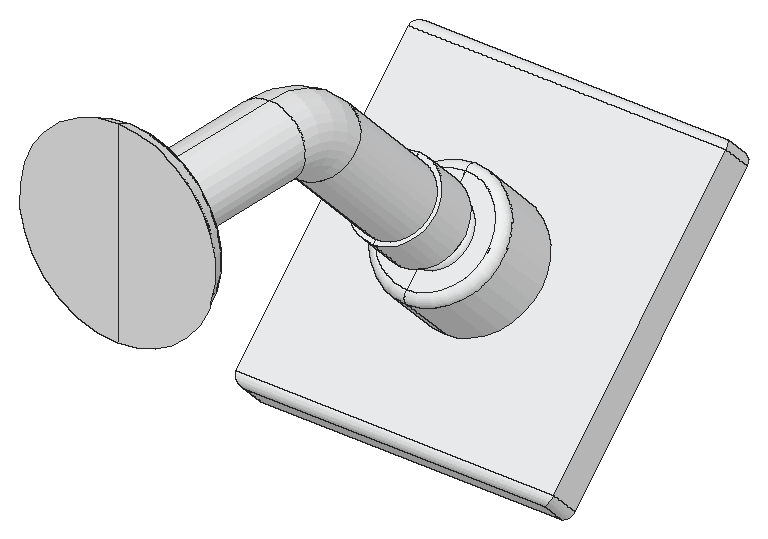
Revit family "434505551_Regadera Con Brazo Nogal", category Plumbing Fixtures, host Wall, Revit 2020 (continued)
Automatic sketch dimensions
  Revolve 30 sketch curve to Revolve 30 sketch curve = 0.438 mm  (x2)
  Revolve 31 sketch curve to Revolve 31 sketch curve = 1.404 mm
  Revolve 31 sketch curve to Revolve 31 sketch curve = 2.077 mm
  Revolve 31 sketch curve to Revolve 31 sketch curve = 0.729 mm
  Revolve 31 sketch curve to Revolve 31 sketch curve = 0.726 mm
  Revolve 31 sketch curve to Revolve 31 sketch curve = 0 mm  (x2)
  Revolve 31 sketch curve to Revolve 31 sketch curve = 0.438 mm  (x2)
  Revolve 32 sketch curve to Revolve 32 sketch curve = 1.404 mm
  Revolve 32 sketch curve to Revolve 32 sketch curve = 2.077 mm
  Revolve 32 sketch curve to Revolve 32 sketch curve = 0.729 mm
  Revolve 32 sketch curve to Revolve 32 sketch curve = 0.726 mm
  Revolve 32 sketch curve to Revolve 32 sketch curve = 0 mm  (x2)
  Revolve 32 sketch curve to Revolve 32 sketch curve = 0.438 mm  (x2)
  Revolve 33 sketch curve to Revolve 33 sketch curve = 1.404 mm
  Revolve 33 sketch curve to Revolve 33 sketch curve = 2.077 mm
  Revolve 33 sketch curve to Revolve 33 sketch curve = 0.729 mm
  Revolve 33 sketch curve to Revolve 33 sketch curve = 0.726 mm
  Revolve 33 sketch curve to Revolve 33 sketch curve = 0 mm  (x2)
  Revolve 33 sketch curve to Revolve 33 sketch curve = 0.438 mm  (x2)
  Revolve 34 sketch curve to Revolve 34 sketch curve = 1.404 mm
  Revolve 34 sketch curve to Revolve 34 sketch curve = 2.077 mm
  Revolve 34 sketch curve to Revolve 34 sketch curve = 0.729 mm
  Revolve 34 sketch curve to Revolve 34 sketch curve = 0.726 mm
  Revolve 34 sketch curve to Revolve 34 sketch curve = 0 mm  (x2)
  Revolve 34 sketch curve to Revolve 34 sketch curve = 0.438 mm  (x2)
  Revolve 35 sketch curve to Revolve 35 sketch curve = 1.404 mm
  Revolve 35 sketch curve to Revolve 35 sketch curve = 2.077 mm
  Revolve 35 sketch curve to Revolve 35 sketch curve = 0.729 mm
  Revolve 35 sketch curve to Revolve 35 sketch curve = 0.726 mm
  Revolve 35 sketch curve to Revolve 35 sketch curve = 0 mm  (x2)
  Revolve 35 sketch curve to Revolve 35 sketch curve = 0.438 mm  (x2)
  Revolve 36 sketch curve to Revolve 36 sketch curve = 1.404 mm
  Revolve 36 sketch curve to Revolve 36 sketch curve = 2.077 mm
  Revolve 36 sketch curve to Revolve 36 sketch curve = 0.729 mm
  Revolve 36 sketch curve to Revolve 36 sketch curve = 0.726 mm
  Revolve 36 sketch curve to Revolve 36 sketch curve = 0 mm  (x2)
  Revolve 36 sketch curve to Revolve 36 sketch curve = 0.438 mm  (x2)
  Revolve 37 sketch curve to Revolve 37 sketch curve = 1.404 mm
  Revolve 37 sketch curve to Revolve 37 sketch curve = 2.077 mm
  Revolve 37 sketch curve to Revolve 37 sketch curve = 0.729 mm
  Revolve 37 sketch curve to Revolve 37 sketch curve = 0.726 mm
  Revolve 37 sketch curve to Revolve 37 sketch curve = 0 mm  (x2)
  Revolve 37 sketch curve to Revolve 37 sketch curve = 0.438 mm  (x2)
  Revolve 38 sketch curve to Revolve 38 sketch curve = 1.404 mm
  Revolve 38 sketch curve to Revolve 38 sketch curve = 2.077 mm
  Revolve 38 sketch curve to Revolve 38 sketch curve = 0.729 mm
  Revolve 38 sketch curve to Revolve 38 sketch curve = 0.726 mm
  Revolve 38 sketch curve to Revolve 38 sketch curve = 0 mm  (x2)
  Revolve 38 sketch curve to Revolve 38 sketch curve = 0.438 mm  (x2)
  Revolve 39 sketch curve to Revolve 39 sketch curve = 1.404 mm
  Revolve 39 sketch curve to Revolve 39 sketch curve = 2.077 mm
  Revolve 39 sketch curve to Revolve 39 sketch curve = 0.729 mm
  Revolve 39 sketch curve to Revolve 39 sketch curve = 0.726 mm
  Revolve 39 sketch curve to Revolve 39 sketch curve = 0 mm  (x2)
  Revolve 39 sketch curve to Revolve 39 sketch curve = 0.438 mm  (x2)
  Revolve 40 sketch curve to Revolve 40 sketch curve = 1.404 mm
  Revolve 40 sketch curve to Revolve 40 sketch curve = 2.077 mm
  Revolve 40 sketch curve to Revolve 40 sketch curve = 0.729 mm
  Revolve 40 sketch curve to Revolve 40 sketch curve = 0.726 mm
  Revolve 40 sketch curve to Revolve 40 sketch curve = 0 mm  (x2)
  Revolve 40 sketch curve to Revolve 40 sketch curve = 0.438 mm  (x2)
  Revolve 41 sketch curve to Revolve 41 sketch curve = 1.404 mm
  Revolve 41 sketch curve to Revolve 41 sketch curve = 2.077 mm
  Revolve 41 sketch curve to Revolve 41 sketch curve = 0.729 mm
  Revolve 41 sketch curve to Revolve 41 sketch curve = 0.726 mm
  Revolve 41 sketch curve to Revolve 41 sketch curve = 0 mm  (x2)
  Revolve 41 sketch curve to Revolve 41 sketch curve = 0.438 mm  (x2)
  Revolve 42 sketch curve to Revolve 42 sketch curve = 1.404 mm
  Revolve 42 sketch curve to Revolve 42 sketch curve = 2.077 mm
  Revolve 42 sketch curve to Revolve 42 sketch curve = 0.729 mm
  Revolve 42 sketch curve to Revolve 42 sketch curve = 0.726 mm
  Revolve 42 sketch curve to Revolve 42 sketch curve = 0 mm  (x2)
  Revolve 42 sketch curve to Revolve 42 sketch curve = 0.438 mm  (x2)
  Revolve 43 sketch curve to Revolve 43 sketch curve = 1.404 mm
  Revolve 43 sketch curve to Revolve 43 sketch curve = 2.077 mm
  Revolve 43 sketch curve to Revolve 43 sketch curve = 0.729 mm
  Revolve 43 sketch curve to Revolve 43 sketch curve = 0.726 mm
  Revolve 43 sketch curve to Revolve 43 sketch curve = 0 mm  (x2)
  Revolve 43 sketch curve to Revolve 43 sketch curve = 0.438 mm  (x2)
  Revolve 44 sketch curve to Revolve 44 sketch curve = 1.404 mm
  Revolve 44 sketch curve to Revolve 44 sketch curve = 2.077 mm
  Revolve 44 sketch curve to Revolve 44 sketch curve = 0.729 mm
  Revolve 44 sketch curve to Revolve 44 sketch curve = 0.726 mm
  Revolve 44 sketch curve to Revolve 44 sketch curve = 0 mm  (x2)
  Revolve 44 sketch curve to Revolve 44 sketch curve = 0.438 mm  (x2)
  Revolve 45 sketch curve to Revolve 45 sketch curve = 1.404 mm
  Revolve 45 sketch curve to Revolve 45 sketch curve = 2.077 mm
  Revolve 45 sketch curve to Revolve 45 sketch curve = 0.729 mm
  Revolve 45 sketch curve to Revolve 45 sketch curve = 0.726 mm
  Revolve 45 sketch curve to Revolve 45 sketch curve = 0 mm  (x2)
  Revolve 45 sketch curve to Revolve 45 sketch curve = 0.438 mm  (x2)
  Revolve 46 sketch curve to Revolve 46 sketch curve = 1.404 mm
  Revolve 46 sketch curve to Revolve 46 sketch curve = 2.077 mm
  Revolve 46 sketch curve to Revolve 46 sketch curve = 0.729 mm
  Revolve 46 sketch curve to Revolve 46 sketch curve = 0.726 mm
  Revolve 46 sketch curve to Revolve 46 sketch curve = 0 mm  (x2)
  Revolve 46 sketch curve to Revolve 46 sketch curve = 0.438 mm  (x2)
  Revolve 47 sketch curve to Revolve 47 sketch curve = 1.404 mm
  Revolve 47 sketch curve to Revolve 47 sketch curve = 2.077 mm
  Revolve 47 sketch curve to Revolve 47 sketch curve = 0.729 mm
  Revolve 47 sketch curve to Revolve 47 sketch curve = 0.726 mm
  Revolve 47 sketch curve to Revolve 47 sketch curve = 0 mm  (x2)
  Revolve 47 sketch curve to Revolve 47 sketch curve = 0.438 mm  (x2)
  Revolve 48 sketch curve to Revolve 48 sketch curve = 1.404 mm
  Revolve 48 sketch curve to Revolve 48 sketch curve = 2.077 mm
  Revolve 48 sketch curve to Revolve 48 sketch curve = 0.729 mm
  Revolve 48 sketch curve to Revolve 48 sketch curve = 0.726 mm
  Revolve 48 sketch curve to Revolve 48 sketch curve = 0 mm  (x2)
  Revolve 48 sketch curve to Revolve 48 sketch curve = 0.438 mm  (x2)
  Revolve 49 sketch curve to Revolve 49 sketch curve = 1.404 mm
  Revolve 49 sketch curve to Revolve 49 sketch curve = 2.077 mm
  Revolve 49 sketch curve to Revolve 49 sketch curve = 0.729 mm
  Revolve 49 sketch curve to Revolve 49 sketch curve = 0.726 mm
  Revolve 49 sketch curve to Revolve 49 sketch curve = 0 mm  (x2)
  Revolve 49 sketch curve to Revolve 49 sketch curve = 0.438 mm  (x2)
  Revolve 50 sketch curve to Revolve 50 sketch curve = 1.404 mm
  Revolve 50 sketch curve to Revolve 50 sketch curve = 2.077 mm
  Revolve 50 sketch curve to Revolve 50 sketch curve = 0.729 mm
  Revolve 50 sketch curve to Revolve 50 sketch curve = 0.726 mm
  Revolve 50 sketch curve to Revolve 50 sketch curve = 0 mm  (x2)
  Revolve 50 sketch curve to Revolve 50 sketch curve = 0.438 mm  (x2)
  Revolve 51 sketch curve to Revolve 51 sketch curve = 1.404 mm
  Revolve 51 sketch curve to Revolve 51 sketch curve = 2.077 mm
  Revolve 51 sketch curve to Revolve 51 sketch curve = 0.729 mm
  Revolve 51 sketch curve to Revolve 51 sketch curve = 0.726 mm
  Revolve 51 sketch curve to Revolve 51 sketch curve = 0 mm  (x2)
  Revolve 51 sketch curve to Revolve 51 sketch curve = 0.438 mm  (x2)
  Revolve 52 sketch curve to Revolve 52 sketch curve = 1.404 mm
  Revolve 52 sketch curve to Revolve 52 sketch curve = 2.077 mm
  Revolve 52 sketch curve to Revolve 52 sketch curve = 0.729 mm
  Revolve 52 sketch curve to Revolve 52 sketch curve = 0.726 mm
  Revolve 52 sketch curve to Revolve 52 sketch curve = 0 mm  (x2)
  Revolve 52 sketch curve to Revolve 52 sketch curve = 0.438 mm  (x2)
  Revolve 53 sketch curve to Revolve 53 sketch curve = 1.404 mm
  Revolve 53 sketch curve to Revolve 53 sketch curve = 2.077 mm
  Revolve 53 sketch curve to Revolve 53 sketch curve = 0.729 mm
  Revolve 53 sketch curve to Revolve 53 sketch curve = 0.726 mm
  Revolve 53 sketch curve to Revolve 53 sketch curve = 0 mm  (x2)
  Revolve 53 sketch curve to Revolve 53 sketch curve = 0.438 mm  (x2)
  Revolve 54 sketch curve to Revolve 54 sketch curve = 1.404 mm
  Revolve 54 sketch curve to Revolve 54 sketch curve = 2.077 mm
  Revolve 54 sketch curve to Revolve 54 sketch curve = 0.729 mm
  Revolve 54 sketch curve to Revolve 54 sketch curve = 0.726 mm
  Revolve 54 sketch curve to Revolve 54 sketch curve = 0 mm  (x2)
  Revolve 54 sketch curve to Revolve 54 sketch curve = 0.438 mm  (x2)
  plane 7 to Extrusion 55 sketch curve = 0 mm
  plane 6 to Extrusion 55 sketch curve = 0 mm
  Extrusion 55 sketch curve to plane 9 = 0 mm
  Extrusion 55 sketch curve to plane 10 = 0 mm
  Revolve 1 sketch curve to Revolve 1 sketch curve = 12.855 mm
  Revolve 1 sketch curve to Revolve 1 sketch curve = 4.01 mm
  Revolve 1 sketch curve to Revolve 1 sketch curve = 0.165 mm
  Revolve 1 sketch curve to Revolve 1 sketch curve = 17.477 mm
  Revolve 1 sketch curve to Revolve 1 sketch curve = 7.386 mm
  Revolve 1 sketch curve to Revolve 1 sketch curve = 0.256 mm
  Revolve 1 sketch curve to Revolve 1 sketch curve = 2.264 mm
  Revolve 1 sketch curve to Revolve 1 sketch curve = 0 mm
  Sweep 2 sketch curve to Sweep 2 sketch curve = 28.284 mm  (x2)
  Sweep 2 sketch curve to Sweep 2 sketch curve = 55.833 mm
  Sweep 2 sketch curve to profile plane = 0 mm
  Revolve 3 sketch curve to Revolve 3 sketch curve = 7.109 mm
  Revolve 3 sketch curve to Revolve 3 sketch curve = 8.937 mm  (x2)
  Revolve 3 sketch curve to Revolve 3 sketch curve = 14.058 mm  (x2)
  Revolve 3 sketch curve to Revolve 3 sketch curve = 6.065 mm
  Extrusion 4 sketch curve to Extrusion 4 sketch curve = 0 mm
  Extrusion 4 sketch curve to Extrusion 4 sketch curve = 69.157 mm
  Extrusion 4 sketch curve to Extrusion 4 sketch curve = 6.295 mm  (x2)
  Extrusion 5 sketch curve to Extrusion 5 sketch curve = 5.163 mm  (x2)
  Extrusion 5 sketch curve to Extrusion 5 sketch curve = 96 mm  (x2)
  Extrusion 5 sketch curve to Extrusion 5 sketch curve = 3 mm  (x2)
  Revolve 56 sketch curve to Revolve 56 sketch curve = 0.845 mm
  Revolve 56 sketch curve to Revolve 56 sketch curve = 1.138 mm
  Revolve 56 sketch curve to Revolve 56 sketch curve = 7.145 mm
  Revolve 56 sketch curve to Revolve 56 sketch curve = 1.582 mm
  Revolve 56 sketch curve to Revolve 56 sketch curve = 7.524 mm
  Sweep 57 sketch curve to Sweep 57 sketch curve = 32.309 mm  (x2)
  profile plane to Sweep 57 sketch curve = 11.5 mm
  Revolve 58 sketch curve to Revolve 58 sketch curve = 9.233 mm
  Revolve 58 sketch curve to Revolve 58 sketch curve = 4.213 mm
  Revolve 58 sketch curve to Revolve 58 sketch curve = 0.672 mm
  Revolve 58 sketch curve to Revolve 58 sketch curve = 1.706 mm
  Revolve 58 sketch curve to Revolve 58 sketch curve = 0.958 mm
  Revolve 58 sketch curve to Revolve 58 sketch curve = 4.237 mm
  Revolve 58 sketch curve to Revolve 58 sketch curve = 2.15 mm  (x3)
  Revolve 58 sketch curve to Revolve 58 sketch curve = 1.828 mm
  Revolve 58 sketch curve to Revolve 58 sketch curve = 1.427 mm
  Revolve 58 sketch curve to Revolve 58 sketch curve = 0.955 mm
  Revolve 58 sketch curve to Revolve 58 sketch curve = 3.441 mm
  Revolve 58 sketch curve to Revolve 58 sketch curve = 0 mm
  Revolve 58 sketch curve to Revolve 58 sketch curve = 5.206 mm  (x2)
  Extrusion 59 sketch curve to Extrusion 59 sketch curve = 2.121 mm  (x5)
  Extrusion 59 sketch curve to Extrusion 59 sketch curve = 4.174 mm
  Extrusion 60 sketch curve to Extrusion 60 sketch curve = 2.163 mm  (x4)
  Extrusion 60 sketch curve to Extrusion 60 sketch curve = 0 mm  (x3)
  Extrusion 60 sketch curve to Extrusion 60 sketch curve = 2.705 mm  (x3)
  Extrusion 60 sketch curve to Extrusion 60 sketch curve = 97.803 mm
  Extrusion 60 sketch curve to Extrusion 60 sketch curve = 5.705 mm
  Revolve 61 sketch curve to Revolve 61 sketch curve = 1.404 mm
  Revolve 61 sketch curve to Revolve 61 sketch curve = 2.077 mm
  Revolve 61 sketch curve to Revolve 61 sketch curve = 0.729 mm
  Revolve 61 sketch curve to Revolve 61 sketch curve = 0.726 mm
  Revolve 61 sketch curve to Revolve 61 sketch curve = 0 mm  (x2)
  Revolve 61 sketch curve to Revolve 61 sketch curve = 0.438 mm  (x2)
  Revolve 62 sketch curve to Revolve 62 sketch curve = 1.404 mm
  Revolve 62 sketch curve to Revolve 62 sketch curve = 2.077 mm
  Revolve 62 sketch curve to Revolve 62 sketch curve = 0.729 mm
  Revolve 62 sketch curve to Revolve 62 sketch curve = 0.726 mm
  Revolve 62 sketch curve to Revolve 62 sketch curve = 0 mm  (x2)
  Revolve 62 sketch curve to Revolve 62 sketch curve = 0.438 mm  (x2)
  Revolve 63 sketch curve to Revolve 63 sketch curve = 1.404 mm
  Revolve 63 sketch curve to Revolve 63 sketch curve = 2.077 mm
  Revolve 63 sketch curve to Revolve 63 sketch curve = 0.729 mm
  Revolve 63 sketch curve to Revolve 63 sketch curve = 0.726 mm
  Revolve 63 sketch curve to Revolve 63 sketch curve = 0 mm  (x2)
  Revolve 63 sketch curve to Revolve 63 sketch curve = 0.438 mm  (x2)
  Revolve 64 sketch curve to Revolve 64 sketch curve = 1.404 mm
  Revolve 64 sketch curve to Revolve 64 sketch curve = 2.077 mm
  Revolve 64 sketch curve to Revolve 64 sketch curve = 0.729 mm
  Revolve 64 sketch curve to Revolve 64 sketch curve = 0.726 mm
  Revolve 64 sketch curve to Revolve 64 sketch curve = 0 mm  (x2)
  Revolve 64 sketch curve to Revolve 64 sketch curve = 0.438 mm  (x2)
  Revolve 65 sketch curve to Revolve 65 sketch curve = 1.404 mm
  Revolve 65 sketch curve to Revolve 65 sketch curve = 2.077 mm
  Revolve 65 sketch curve to Revolve 65 sketch curve = 0.729 mm
  Revolve 65 sketch curve to Revolve 65 sketch curve = 0.726 mm
  Revolve 65 sketch curve to Revolve 65 sketch curve = 0 mm  (x2)
  Revolve 65 sketch curve to Revolve 65 sketch curve = 0.438 mm  (x2)
  Revolve 66 sketch curve to Revolve 66 sketch curve = 1.404 mm
  Revolve 66 sketch curve to Revolve 66 sketch curve = 2.077 mm
  Revolve 66 sketch curve to Revolve 66 sketch curve = 0.729 mm
  Revolve 66 sketch curve to Revolve 66 sketch curve = 0.726 mm
  Revolve 66 sketch curve to Revolve 66 sketch curve = 0 mm  (x2)
  Revolve 66 sketch curve to Revolve 66 sketch curve = 0.438 mm  (x2)
  Revolve 67 sketch curve to Revolve 67 sketch curve = 1.404 mm
  Revolve 67 sketch curve to Revolve 67 sketch curve = 2.077 mm
  Revolve 67 sketch curve to Revolve 67 sketch curve = 0.729 mm
  Revolve 67 sketch curve to Revolve 67 sketch curve = 0.726 mm
  Revolve 67 sketch curve to Revolve 67 sketch curve = 0 mm  (x2)
  Revolve 67 sketch curve to Revolve 67 sketch curve = 0.438 mm  (x2)
  Revolve 68 sketch curve to Revolve 68 sketch curve = 1.404 mm
  Revolve 68 sketch curve to Revolve 68 sketch curve = 2.077 mm
  Revolve 68 sketch curve to Revolve 68 sketch curve = 0.729 mm
  Revolve 68 sketch curve to Revolve 68 sketch curve = 0.726 mm
  Revolve 68 sketch curve to Revolve 68 sketch curve = 0 mm  (x2)
  Revolve 68 sketch curve to Revolve 68 sketch curve = 0.438 mm  (x2)
  Revolve 69 sketch curve to Revolve 69 sketch curve = 1.404 mm
  Revolve 69 sketch curve to Revolve 69 sketch curve = 2.077 mm
  Revolve 69 sketch curve to Revolve 69 sketch curve = 0.729 mm
  Revolve 69 sketch curve to Revolve 69 sketch curve = 0.726 mm
  Revolve 69 sketch curve to Revolve 69 sketch curve = 0 mm  (x2)
  Revolve 69 sketch curve to Revolve 69 sketch curve = 0.438 mm  (x2)
  Revolve 70 sketch curve to Revolve 70 sketch curve = 1.404 mm
  Revolve 70 sketch curve to Revolve 70 sketch curve = 2.077 mm
  Revolve 70 sketch curve to Revolve 70 sketch curve = 0.729 mm
  Revolve 70 sketch curve to Revolve 70 sketch curve = 0.726 mm
  Revolve 70 sketch curve to Revolve 70 sketch curve = 0 mm  (x2)
  Revolve 70 sketch curve to Revolve 70 sketch curve = 0.438 mm  (x2)
  Revolve 71 sketch curve to Revolve 71 sketch curve = 1.404 mm
  Revolve 71 sketch curve to Revolve 71 sketch curve = 2.077 mm
  Revolve 71 sketch curve to Revolve 71 sketch curve = 0.729 mm
  Revolve 71 sketch curve to Revolve 71 sketch curve = 0.726 mm
  Revolve 71 sketch curve to Revolve 71 sketch curve = 0 mm  (x2)
  Revolve 71 sketch curve to Revolve 71 sketch curve = 0.438 mm  (x2)
  Revolve 72 sketch curve to Revolve 72 sketch curve = 1.404 mm
  Revolve 72 sketch curve to Revolve 72 sketch curve = 2.077 mm
  Revolve 72 sketch curve to Revolve 72 sketch curve = 0.729 mm
  Revolve 72 sketch curve to Revolve 72 sketch curve = 0.726 mm
  Revolve 72 sketch curve to Revolve 72 sketch curve = 0 mm  (x2)
  Revolve 72 sketch curve to Revolve 72 sketch curve = 0.438 mm  (x2)
  Revolve 73 sketch curve to Revolve 73 sketch curve = 1.404 mm
  Revolve 73 sketch curve to Revolve 73 sketch curve = 2.077 mm
  Revolve 73 sketch curve to Revolve 73 sketch curve = 0.729 mm
  Revolve 73 sketch curve to Revolve 73 sketch curve = 0.726 mm
  Revolve 73 sketch curve to Revolve 73 sketch curve = 0 mm  (x2)
  Revolve 73 sketch curve to Revolve 73 sketch curve = 0.438 mm  (x2)
  Revolve 74 sketch curve to Revolve 74 sketch curve = 1.404 mm
  Revolve 74 sketch curve to Revolve 74 sketch curve = 2.077 mm
  Revolve 74 sketch curve to Revolve 74 sketch curve = 0.729 mm
  Revolve 74 sketch curve to Revolve 74 sketch curve = 0.726 mm
  Revolve 74 sketch curve to Revolve 74 sketch curve = 0 mm  (x2)
  Revolve 74 sketch curve to Revolve 74 sketch curve = 0.438 mm  (x2)
  Revolve 75 sketch curve to Revolve 75 sketch curve = 1.404 mm
  Revolve 75 sketch curve to Revolve 75 sketch curve = 2.077 mm
  Revolve 75 sketch curve to Revolve 75 sketch curve = 0.729 mm
  Revolve 75 sketch curve to Revolve 75 sketch curve = 0.726 mm
  Revolve 75 sketch curve to Revolve 75 sketch curve = 0 mm  (x2)
  Revolve 75 sketch curve to Revolve 75 sketch curve = 0.438 mm  (x2)
  Revolve 76 sketch curve to Revolve 76 sketch curve = 1.404 mm
  Revolve 76 sketch curve to Revolve 76 sketch curve = 2.077 mm
  Revolve 76 sketch curve to Revolve 76 sketch curve = 0.729 mm
  Revolve 76 sketch curve to Revolve 76 sketch curve = 0.726 mm
  Revolve 76 sketch curve to Revolve 76 sketch curve = 0 mm  (x2)
  Revolve 76 sketch curve to Revolve 76 sketch curve = 0.438 mm  (x2)
  Revolve 77 sketch curve to Revolve 77 sketch curve = 1.404 mm
  Revolve 77 sketch curve to Revolve 77 sketch curve = 2.077 mm
  Revolve 77 sketch curve to Revolve 77 sketch curve = 0.729 mm
  Revolve 77 sketch curve to Revolve 77 sketch curve = 0.726 mm
  Revolve 77 sketch curve to Revolve 77 sketch curve = 0 mm  (x2)
  Revolve 77 sketch curve to Revolve 77 sketch curve = 0.438 mm  (x2)
  Revolve 78 sketch curve to Revolve 78 sketch curve = 1.404 mm
  Revolve 78 sketch curve to Revolve 78 sketch curve = 2.077 mm
  Revolve 78 sketch curve to Revolve 78 sketch curve = 0.729 mm
  Revolve 78 sketch curve to Revolve 78 sketch curve = 0.726 mm
  Revolve 78 sketch curve to Revolve 78 sketch curve = 0 mm  (x2)
  Revolve 78 sketch curve to Revolve 78 sketch curve = 0.438 mm  (x2)
  Revolve 79 sketch curve to Revolve 79 sketch curve = 1.404 mm
  Revolve 79 sketch curve to Revolve 79 sketch curve = 2.077 mm
  Revolve 79 sketch curve to Revolve 79 sketch curve = 0.729 mm
  Revolve 79 sketch curve to Revolve 79 sketch curve = 0.726 mm
  Revolve 79 sketch curve to Revolve 79 sketch curve = 0 mm  (x2)
  Revolve 79 sketch curve to Revolve 79 sketch curve = 0.438 mm  (x2)
  Revolve 80 sketch curve to Revolve 80 sketch curve = 1.404 mm
  Revolve 80 sketch curve to Revolve 80 sketch curve = 2.077 mm
  Revolve 80 sketch curve to Revolve 80 sketch curve = 0.729 mm
  Revolve 80 sketch curve to Revolve 80 sketch curve = 0.726 mm
  Revolve 80 sketch curve to Revolve 80 sketch curve = 0 mm  (x2)
  Revolve 80 sketch curve to Revolve 80 sketch curve = 0.438 mm  (x2)
  Revolve 81 sketch curve to Revolve 81 sketch curve = 1.404 mm
  Revolve 81 sketch curve to Revolve 81 sketch curve = 2.077 mm
  Revolve 81 sketch curve to Revolve 81 sketch curve = 0.729 mm
  Revolve 81 sketch curve to Revolve 81 sketch curve = 0.726 mm
  Revolve 81 sketch curve to Revolve 81 sketch curve = 0 mm  (x2)
  Revolve 81 sketch curve to Revolve 81 sketch curve = 0.438 mm  (x2)
  Revolve 82 sketch curve to Revolve 82 sketch curve = 1.404 mm
  Revolve 82 sketch curve to Revolve 82 sketch curve = 2.077 mm
  Revolve 82 sketch curve to Revolve 82 sketch curve = 0.729 mm
  Revolve 82 sketch curve to Revolve 82 sketch curve = 0.726 mm
  Revolve 82 sketch curve to Revolve 82 sketch curve = 0 mm  (x2)
  Revolve 82 sketch curve to Revolve 82 sketch curve = 0.438 mm  (x2)
  Revolve 83 sketch curve to Revolve 83 sketch curve = 1.404 mm
  Revolve 83 sketch curve to Revolve 83 sketch curve = 2.077 mm
  Revolve 83 sketch curve to Revolve 83 sketch curve = 0.729 mm
  Revolve 83 sketch curve to Revolve 83 sketch curve = 0.726 mm
  Revolve 83 sketch curve to Revolve 83 sketch curve = 0 mm  (x2)
  Revolve 83 sketch curve to Revolve 83 sketch curve = 0.438 mm  (x2)
  Revolve 84 sketch curve to Revolve 84 sketch curve = 1.404 mm
  Revolve 84 sketch curve to Revolve 84 sketch curve = 2.077 mm
  Revolve 84 sketch curve to Revolve 84 sketch curve = 0.729 mm
  Revolve 84 sketch curve to Revolve 84 sketch curve = 0.726 mm
  Revolve 84 sketch curve to Revolve 84 sketch curve = 0 mm  (x2)
  Revolve 84 sketch curve to Revolve 84 sketch curve = 0.438 mm  (x2)
  Revolve 85 sketch curve to Revolve 85 sketch curve = 1.404 mm
  Revolve 85 sketch curve to Revolve 85 sketch curve = 2.077 mm
  Revolve 85 sketch curve to Revolve 85 sketch curve = 0.729 mm
  Revolve 85 sketch curve to Revolve 85 sketch curve = 0.726 mm
  Revolve 85 sketch curve to Revolve 85 sketch curve = 0 mm  (x2)
  Revolve 85 sketch curve to Revolve 85 sketch curve = 0.438 mm  (x2)
  Revolve 86 sketch curve to Revolve 86 sketch curve = 1.404 mm
  Revolve 86 sketch curve to Revolve 86 sketch curve = 2.077 mm
  Revolve 86 sketch curve to Revolve 86 sketch curve = 0.729 mm
  Revolve 86 sketch curve to Revolve 86 sketch curve = 0.726 mm
  Revolve 86 sketch curve to Revolve 86 sketch curve = 0 mm  (x2)
  Revolve 86 sketch curve to Revolve 86 sketch curve = 0.438 mm  (x2)
  Revolve 87 sketch curve to Revolve 87 sketch curve = 1.404 mm
  Revolve 87 sketch curve to Revolve 87 sketch curve = 2.077 mm
  Revolve 87 sketch curve to Revolve 87 sketch curve = 0.729 mm
  Revolve 87 sketch curve to Revolve 87 sketch curve = 0.726 mm
  Revolve 87 sketch curve to Revolve 87 sketch curve = 0 mm  (x2)
  Revolve 87 sketch curve to Revolve 87 sketch curve = 0.438 mm  (x2)
  Revolve 88 sketch curve to Revolve 88 sketch curve = 1.404 mm
  Revolve 88 sketch curve to Revolve 88 sketch curve = 2.077 mm
  Revolve 88 sketch curve to Revolve 88 sketch curve = 0.729 mm
  Revolve 88 sketch curve to Revolve 88 sketch curve = 0.726 mm
  Revolve 88 sketch curve to Revolve 88 sketch curve = 0 mm  (x2)
  Revolve 88 sketch curve to Revolve 88 sketch curve = 0.438 mm  (x2)
  Revolve 89 sketch curve to Revolve 89 sketch curve = 1.404 mm
  Revolve 89 sketch curve to Revolve 89 sketch curve = 2.077 mm
  Revolve 89 sketch curve to Revolve 89 sketch curve = 0.729 mm
  Revolve 89 sketch curve to Revolve 89 sketch curve = 0.726 mm
  Revolve 89 sketch curve to Revolve 89 sketch curve = 0 mm  (x2)
  Revolve 89 sketch curve to Revolve 89 sketch curve = 0.438 mm  (x2)
  Revolve 90 sketch curve to Revolve 90 sketch curve = 1.404 mm
  Revolve 90 sketch curve to Revolve 90 sketch curve = 2.077 mm
  Revolve 90 sketch curve to Revolve 90 sketch curve = 0.729 mm
  Revolve 90 sketch curve to Revolve 90 sketch curve = 0.726 mm
  Revolve 90 sketch curve to Revolve 90 sketch curve = 0 mm  (x2)
  Revolve 90 sketch curve to Revolve 90 sketch curve = 0.438 mm  (x2)
  Revolve 91 sketch curve to Revolve 91 sketch curve = 1.404 mm
  Revolve 91 sketch curve to Revolve 91 sketch curve = 2.077 mm
  Revolve 91 sketch curve to Revolve 91 sketch curve = 0.729 mm
  Revolve 91 sketch curve to Revolve 91 sketch curve = 0.726 mm
  Revolve 91 sketch curve to Revolve 91 sketch curve = 0 mm  (x2)
  Revolve 91 sketch curve to Revolve 91 sketch curve = 0.438 mm  (x2)
  Revolve 92 sketch curve to Revolve 92 sketch curve = 1.404 mm
  Revolve 92 sketch curve to Revolve 92 sketch curve = 2.077 mm
  Revolve 92 sketch curve to Revolve 92 sketch curve = 0.729 mm
  Revolve 92 sketch curve to Revolve 92 sketch curve = 0.726 mm
  Revolve 92 sketch curve to Revolve 92 sketch curve = 0 mm  (x2)
  Revolve 92 sketch curve to Revolve 92 sketch curve = 0.438 mm  (x2)
  Revolve 93 sketch curve to Revolve 93 sketch curve = 1.404 mm
  Revolve 93 sketch curve to Revolve 93 sketch curve = 2.077 mm
  Revolve 93 sketch curve to Revolve 93 sketch curve = 0.729 mm
  Revolve 93 sketch curve to Revolve 93 sketch curve = 0.726 mm
  Revolve 93 sketch curve to Revolve 93 sketch curve = 0 mm  (x2)
  Revolve 93 sketch curve to Revolve 93 sketch curve = 0.438 mm  (x2)
  Revolve 94 sketch curve to Revolve 94 sketch curve = 1.404 mm
  Revolve 94 sketch curve to Revolve 94 sketch curve = 2.077 mm
  Revolve 94 sketch curve to Revolve 94 sketch curve = 0.729 mm
  Revolve 94 sketch curve to Revolve 94 sketch curve = 0.726 mm
  Revolve 94 sketch curve to Revolve 94 sketch curve = 0 mm  (x2)
  Revolve 94 sketch curve to Revolve 94 sketch curve = 0.438 mm  (x2)
  Revolve 95 sketch curve to Revolve 95 sketch curve = 1.404 mm
  Revolve 95 sketch curve to Revolve 95 sketch curve = 2.077 mm
  Revolve 95 sketch curve to Revolve 95 sketch curve = 0.729 mm
  Revolve 95 sketch curve to Revolve 95 sketch curve = 0.726 mm
  Revolve 95 sketch curve to Revolve 95 sketch curve = 0 mm  (x2)
  Revolve 95 sketch curve to Revolve 95 sketch curve = 0.438 mm  (x2)
  Revolve 96 sketch curve to Revolve 96 sketch curve = 1.404 mm
  Revolve 96 sketch curve to Revolve 96 sketch curve = 2.077 mm
  Revolve 96 sketch curve to Revolve 96 sketch curve = 0.729 mm
  Revolve 96 sketch curve to Revolve 96 sketch curve = 0.726 mm
  Revolve 96 sketch curve to Revolve 96 sketch curve = 0 mm  (x2)
  Revolve 96 sketch curve to Revolve 96 sketch curve = 0.438 mm  (x2)
  Revolve 97 sketch curve to Revolve 97 sketch curve = 1.404 mm
  Revolve 97 sketch curve to Revolve 97 sketch curve = 2.077 mm
  Revolve 97 sketch curve to Revolve 97 sketch curve = 0.729 mm
  Revolve 97 sketch curve to Revolve 97 sketch curve = 0.726 mm
  Revolve 97 sketch curve to Revolve 97 sketch curve = 0 mm  (x2)
  Revolve 97 sketch curve to Revolve 97 sketch curve = 0.438 mm  (x2)
  Revolve 98 sketch curve to Revolve 98 sketch curve = 1.404 mm
  Revolve 98 sketch curve to Revolve 98 sketch curve = 2.077 mm
  Revolve 98 sketch curve to Revolve 98 sketch curve = 0.729 mm
  Revolve 98 sketch curve to Revolve 98 sketch curve = 0.726 mm
  Revolve 98 sketch curve to Revolve 98 sketch curve = 0 mm  (x2)
  Revolve 98 sketch curve to Revolve 98 sketch curve = 0.438 mm  (x2)
  Revolve 99 sketch curve to Revolve 99 sketch curve = 1.404 mm
  Revolve 99 sketch curve to Revolve 99 sketch curve = 2.077 mm
  Revolve 99 sketch curve to Revolve 99 sketch curve = 0.729 mm
  Revolve 99 sketch curve to Revolve 99 sketch curve = 0.726 mm
  Revolve 99 sketch curve to Revolve 99 sketch curve = 0 mm  (x2)
  Revolve 99 sketch curve to Revolve 99 sketch curve = 0.438 mm  (x2)
  Revolve 100 sketch curve to Revolve 100 sketch curve = 1.404 mm
  Revolve 100 sketch curve to Revolve 100 sketch curve = 2.077 mm
  Revolve 100 sketch curve to Revolve 100 sketch curve = 0.729 mm
  Revolve 100 sketch curve to Revolve 100 sketch curve = 0.726 mm
  Revolve 100 sketch curve to Revolve 100 sketch curve = 0 mm  (x2)
  Revolve 100 sketch curve to Revolve 100 sketch curve = 0.438 mm  (x2)
  Revolve 101 sketch curve to Revolve 101 sketch curve = 1.404 mm
  Revolve 101 sketch curve to Revolve 101 sketch curve = 2.077 mm
  Revolve 101 sketch curve to Revolve 101 sketch curve = 0.729 mm
  Revolve 101 sketch curve to Revolve 101 sketch curve = 0.726 mm
  Revolve 101 sketch curve to Revolve 101 sketch curve = 0 mm  (x2)
  Revolve 101 sketch curve to Revolve 101 sketch curve = 0.438 mm  (x2)
  Revolve 102 sketch curve to Revolve 102 sketch curve = 1.404 mm
  Revolve 102 sketch curve to Revolve 102 sketch curve = 2.077 mm
  Revolve 102 sketch curve to Revolve 102 sketch curve = 0.729 mm
  Revolve 102 sketch curve to Revolve 102 sketch curve = 0.726 mm
  Revolve 102 sketch curve to Revolve 102 sketch curve = 0 mm  (x2)
  Revolve 102 sketch curve to Revolve 102 sketch curve = 0.438 mm  (x2)
  Revolve 103 sketch curve to Revolve 103 sketch curve = 1.404 mm
  Revolve 103 sketch curve to Revolve 103 sketch curve = 2.077 mm
  Revolve 103 sketch curve to Revolve 103 sketch curve = 0.729 mm
  Revolve 103 sketch curve to Revolve 103 sketch curve = 0.726 mm
  Revolve 103 sketch curve to Revolve 103 sketch curve = 0 mm  (x2)
  Revolve 103 sketch curve to Revolve 103 sketch curve = 0.438 mm  (x2)
  Revolve 104 sketch curve to Revolve 104 sketch curve = 1.404 mm
  Revolve 104 sketch curve to Revolve 104 sketch curve = 2.077 mm
  Revolve 104 sketch curve to Revolve 104 sketch curve = 0.729 mm
  Revolve 104 sketch curve to Revolve 104 sketch curve = 0.726 mm
  Revolve 104 sketch curve to Revolve 104 sketch curve = 0 mm  (x2)
  Revolve 104 sketch curve to Revolve 104 sketch curve = 0.438 mm  (x2)
  Revolve 105 sketch curve to Revolve 105 sketch curve = 1.404 mm
  Revolve 105 sketch curve to Revolve 105 sketch curve = 2.077 mm
  Revolve 105 sketch curve to Revolve 105 sketch curve = 0.729 mm
  Revolve 105 sketch curve to Revolve 105 sketch curve = 0.726 mm
  Revolve 105 sketch curve to Revolve 105 sketch curve = 0 mm  (x2)
  Revolve 105 sketch curve to Revolve 105 sketch curve = 0.438 mm  (x2)
  Revolve 106 sketch curve to Revolve 106 sketch curve = 1.404 mm
  Revolve 106 sketch curve to Revolve 106 sketch curve = 2.077 mm
  Revolve 106 sketch curve to Revolve 106 sketch curve = 0.729 mm
  Revolve 106 sketch curve to Revolve 106 sketch curve = 0.726 mm
  Revolve 106 sketch curve to Revolve 106 sketch curve = 0 mm  (x2)
  Revolve 106 sketch curve to Revolve 106 sketch curve = 0.438 mm  (x2)
  Revolve 107 sketch curve to Revolve 107 sketch curve = 1.404 mm
  Revolve 107 sketch curve to Revolve 107 sketch curve = 2.077 mm
  Revolve 107 sketch curve to Revolve 107 sketch curve = 0.729 mm
  Revolve 107 sketch curve to Revolve 107 sketch curve = 0.726 mm
  Revolve 107 sketch curve to Revolve 107 sketch curve = 0 mm  (x2)
  Revolve 107 sketch curve to Revolve 107 sketch curve = 0.438 mm  (x2)
  Revolve 108 sketch curve to Revolve 108 sketch curve = 1.404 mm
  Revolve 108 sketch curve to Revolve 108 sketch curve = 2.077 mm
  Revolve 108 sketch curve to Revolve 108 sketch curve = 0.729 mm
  Revolve 108 sketch curve to Revolve 108 sketch curve = 0.726 mm
  Revolve 108 sketch curve to Revolve 108 sketch curve = 0 mm  (x2)
  Revolve 108 sketch curve to Revolve 108 sketch curve = 0.438 mm  (x2)
  Revolve 109 sketch curve to Revolve 109 sketch curve = 1.404 mm
  Revolve 109 sketch curve to Revolve 109 sketch curve = 2.077 mm
  Revolve 109 sketch curve to Revolve 109 sketch curve = 0.729 mm
  Revolve 109 sketch curve to Revolve 109 sketch curve = 0.726 mm
  Revolve 109 sketch curve to Revolve 109 sketch curve = 0 mm  (x2)
  Revolve 109 sketch curve to Revolve 109 sketch curve = 0.438 mm  (x2)
  Revolve 56 sketch curve to Revolve 56 sketch curve = 12.855 mm
  Revolve 56 sketch curve to Revolve 56 sketch curve = 4.01 mm
  Revolve 56 sketch curve to Revolve 56 sketch curve = 0.165 mm
  Revolve 56 sketch curve to Revolve 56 sketch curve = 17.477 mm
  Revolve 56 sketch curve to Revolve 56 sketch curve = 7.386 mm
  Revolve 56 sketch curve to Revolve 56 sketch curve = 0.256 mm
  Revolve 56 sketch curve to Revolve 56 sketch curve = 2.264 mm
  Revolve 56 sketch curve to Revolve 56 sketch curve = 0 mm
  Sweep 57 sketch curve to Sweep 57 sketch curve = 28.284 mm  (x2)
  Sweep 57 sketch curve to Sweep 57 sketch curve = 55.833 mm
  Sweep 57 sketch curve to profile plane = 0 mm
  Revolve 58 sketch curve to Revolve 58 sketch curve = 7.109 mm
  Revolve 58 sketch curve to Revolve 58 sketch curve = 8.937 mm  (x2)
  Revolve 58 sketch curve to Revolve 58 sketch curve = 14.058 mm  (x2)
  Revolve 58 sketch curve to Revolve 58 sketch curve = 6.065 mm
  Extrusion 59 sketch curve to Extrusion 59 sketch curve = 0 mm
  Extrusion 59 sketch curve to Extrusion 59 sketch curve = 69.157 mm
  Extrusion 59 sketch curve to Extrusion 59 sketch curve = 6.295 mm  (x2)
  Extrusion 60 sketch curve to Extrusion 60 sketch curve = 5.163 mm  (x2)
  Extrusion 60 sketch curve to Extrusion 60 sketch curve = 96 mm  (x2)
  Extrusion 60 sketch curve to Extrusion 60 sketch curve = 3 mm  (x2)
  radius of Sweep 2 sketch curve = 11.5 mm
  radius of Sweep 57 sketch curve = 11.5 mm
Nested families
  nested 1: "Planta" at (125, 170.5, 0), type "Planta"
  nested 2: "Frontal" at (125, 0, 1383) x (1, 0, 0) z (0, -1, 0), type "Frontal"
  nested 3: "Lateral" at (125, 170.5, 1383) x (0, -1, 0) z (1, 0, 0), type "Lateral"
Connectors
  piping at (125, 75, 1500), diameter 12.7
    settings: on Revolve 1, index 1, connector inside diameter 609.6 mm, connector length 0 mm, flow factor 0, pipe flow 0.0 L/s, pressure drop 0.0 Pa, fitting loss kfactor 0, connector angle 0.00°, fixture units 0, engagement length 0 mm, angle of deflection 0.00°, flow configuration 0, flow direction 1, fitting loss method 0, system type 20, joint type 0, gender type 0, connector reference index -1, connector utility 0, adjustable connector no, is connector primary yes, connector description ""
Definition of nested family "Planta"
  Parameters (values of type "Family3")
    Width = 102 mm  # constant formula
    Depth = 191 mm  # constant formula
  Reference planes
    plane 1 "Center (Front/Back)": y = 0
    plane 2: z = 0
    plane 3 "Center (Left/Right)": x = 0
    plane 4: x = -51
    plane 5: x = 51
    plane 6: y = 95.5
    plane 7: y = -95.5
  Lines and regions (mm)
    Filled region 1, type "BIMBAU_Proyeccion Ducha", in view "Ref. Level"
      outline origin (0, 0, 0) x (1, 0, 0) y (0, 1, 0)
        loop
          line (-31.625, -95.5) -> (31.625, -95.5) -> (28.93, -91.015)
          arc (28.93, -91.015) -> (27.409, -89.487) -> (25.352, -88.841) r 4.5
          arc (25.352, -88.841) -> (0.002, -88.055) -> (-25.347, -88.841) r 409.298
          arc (-25.347, -88.841) -> (-27.408, -89.488) -> (-28.932, -91.019) r 4.509
          line (-28.932, -91.019) -> (-31.625, -95.5)
    Filled region 2, type "BIMBAU_Proyeccion Ducha", in view "Ref. Level"
      outline origin (0, 0, 0) x (1, 0, 0) y (0, 1, 0)
        loop
          line (-11.038, -89.142) -> (11.038, -89.142) -> (11.038, 12.349)
          arc (11.038, 12.349) -> (12.805, 15.155) -> (12.562, 18.462) r 5.31
          arc (12.562, 18.462) -> (0, 25.327) -> (-12.562, 18.462) r 14.927
          arc (-12.562, 18.462) -> (-12.805, 15.155) -> (-11.038, 12.349) r 5.31
          line (-11.038, 12.349) -> (-11.038, -89.142)
    Filled region 3, type "BIMBAU_Proyeccion Ducha", in view "Ref. Level"
      outline origin (0, 0, 0) x (1, 0, 0) y (0, 1, 0)
        loop
          arc (-12.963, 16.44) -> (-12.862, 17.471) -> (-12.562, 18.462) r 5.31
          arc (-12.562, 18.462) -> (0, 25.327) -> (12.562, 18.462) r 14.927
          arc (12.562, 18.462) -> (12.862, 17.471) -> (12.963, 16.44) r 5.31
          line (12.963, 16.44) -> (12.963, 28.947)
          arc (12.963, 28.947) -> (0, 36.561) -> (-12.963, 28.947) r 14.841
          line (-12.963, 28.947) -> (-12.963, 16.44)
    Filled region 4, type "BIMBAU_Proyeccion Ducha", in view "Ref. Level"
      outline origin (0, 0, 0) x (1, 0, 0) y (0, 1, 0)
        loop
          arc (-19.336, 33.402) -> (-17.481, 27.63) -> (-12.963, 23.587) r 11.579
          line (-12.963, 23.587) -> (-12.963, 28.947)
          arc (-12.963, 28.947) -> (0, 36.561) -> (12.963, 28.947) r 14.841
          line (12.963, 28.947) -> (12.963, 23.587)
          arc (12.963, 23.587) -> (17.481, 27.63) -> (19.336, 33.402) r 11.579
          line (19.336, 33.402) -> (19.336, 50.987)
          arc (19.336, 50.987) -> (0, 63.677) -> (-19.336, 50.987) r 21.077
          line (-19.336, 50.987) -> (-19.336, 33.402)
    Filled region 5, type "BIMBAU_Proyeccion Ducha", in view "Ref. Level"
      outline origin (0, 0, 0) x (1, 0, 0) y (0, 1, 0)
        loop
          line (51, 15.308) -> (51, 95.5) -> (-51, 95.5) -> (-51, 15.308) -> (51, 15.308)
    detail lines, in view "Ref. Level"
      curve 1: line (-11.038, 12.349, 0) -> (-11.038, 18.029, 0)
      curve 2: line (11.038, 12.349, 0) -> (11.038, 18.029, 0)
  Dimensions and locks
    equal spacing: plane 4, plane 3 "Center (Left/Right)", plane 5
    "Width": plane 4 to plane 5
    equal spacing: plane 6, plane 1 "Center (Front/Back)", plane 7
    "Depth": plane 6 to plane 7
  Automatic sketch dimensions
    Filled region 1 sketch curve to plane 7 = 0 mm
    Filled region 1 sketch curve to plane 3 "Center (Left/Right)" = 0 mm
    plane 7 to Filled region 1 sketch curve = 2.159 mm
    Filled region 1 sketch curve to plane 3 "Center (Left/Right)" = 25.068 mm
    plane 7 to Filled region 1 sketch curve = 4.481 mm
    Filled region 1 sketch curve to Filled region 1 sketch curve = 3.865 mm
    Filled region 1 sketch curve to Filled region 1 sketch curve = 2.693 mm
    plane 7 to Filled region 1 sketch curve = 2.167 mm
    plane 3 "Center (Left/Right)" to Filled region 1 sketch curve = 25.073 mm
    plane 7 to Filled region 1 sketch curve = 4.485 mm
    Filled region 1 sketch curve to Filled region 1 sketch curve = 3.857 mm
    Filled region 1 sketch curve to Filled region 1 sketch curve = 2.695 mm
    Filled region 1 sketch curve to plane 7 = 401.853 mm
    Filled region 1 sketch curve to Filled region 1 sketch curve = 0 mm
    Filled region 2 sketch curve to plane 3 "Center (Left/Right)" = 0 mm
    Filled region 2 sketch curve to plane 3 "Center (Left/Right)" = 7.653 mm
    Filled region 2 sketch curve to Filled region 2 sketch curve = 3.385 mm  (x2)
    plane 3 "Center (Left/Right)" to Filled region 2 sketch curve = 7.653 mm
    Filled region 2 sketch curve to plane 1 "Center (Front/Back)" = 10.4 mm
    Filled region 2 sketch curve to Filled region 2 sketch curve = 1.949 mm  (x2)
    Filled region 2 sketch curve to Filled region 2 sketch curve = 4.091 mm  (x2)
    Filled region 2 sketch curve to Filled region 2 sketch curve = 4.909 mm
    plane 7 to Filled region 2 sketch curve = 6.358 mm
    Filled region 3 sketch curve to plane 3 "Center (Left/Right)" = 0 mm  (x2)
    plane 3 "Center (Left/Right)" to Filled region 3 sketch curve = 7.653 mm
    Filled region 3 sketch curve to plane 1 "Center (Front/Back)" = 10.4 mm
    Filled region 3 sketch curve to Filled region 3 sketch curve = 6.039 mm  (x2)
    Filled region 3 sketch curve to Filled region 3 sketch curve = 5.281 mm
    Filled region 3 sketch curve to Filled region 3 sketch curve = 5.31 mm  (x2)
    Filled region 3 sketch curve to Filled region 3 sketch curve = 4.909 mm  (x2)
    Filled region 3 sketch curve to Filled region 3 sketch curve = 0.4 mm  (x2)
    Filled region 3 sketch curve to Filled region 3 sketch curve = 2.023 mm  (x2)
    Filled region 3 sketch curve to Filled region 3 sketch curve = 10.485 mm
    Filled region 4 sketch curve to plane 3 "Center (Left/Right)" = 0 mm  (x2)
    Filled region 4 sketch curve to plane 3 "Center (Left/Right)" = 7.77 mm
    Filled region 4 sketch curve to Filled region 4 sketch curve = 11.567 mm  (x2)
    plane 3 "Center (Left/Right)" to Filled region 4 sketch curve = 7.77 mm
    Filled region 4 sketch curve to plane 1 "Center (Front/Back)" = 33.402 mm
    Filled region 4 sketch curve to Filled region 4 sketch curve = 0.534 mm  (x2)
    Filled region 4 sketch curve to Filled region 4 sketch curve = 8.664 mm
    Filled region 4 sketch curve to Filled region 4 sketch curve = 5.193 mm  (x2)
    Filled region 4 sketch curve to Filled region 4 sketch curve = 17.586 mm  (x2)
    Filled region 4 sketch curve to Filled region 4 sketch curve = 5.36 mm
    Filled region 4 sketch curve to Filled region 4 sketch curve = 1.867 mm
    Filled region 5 sketch curve to plane 4 = 0 mm
    Filled region 5 sketch curve to plane 5 = 0 mm
    Filled region 5 sketch curve to plane 6 = 0 mm
    Filled region 5 sketch curve to plane 1 "Center (Front/Back)" = 15.308 mm
    curve 1 to plane 3 "Center (Left/Right)" = 11.038 mm
    curve 2 to plane 1 "Center (Front/Back)" = 12.349 mm
    plane 3 "Center (Left/Right)" to curve 2 = 11.038 mm
    curve 1 to plane 1 "Center (Front/Back)" = 12.349 mm
    curve 2 to curve 2 = 5.68 mm
    curve 1 to curve 1 = 5.68 mm
Definition of nested family "Frontal"
  Parameters (values of type "Family1")
    Ancho = 102 mm
    Alto = 117 mm
  Reference planes
    plane 1 "Center (Front/Back)": y = 0
    plane 2: z = 0
    plane 3 "Center (Left/Right)": x = 0
    plane 4: y = 117
    plane 5: x = -51
    plane 6: x = 51
  Lines and regions (mm)
    Masking region 1, in view "Ref. Level"
      outline origin (0, 0, 0) x (1, 0, 0) y (0, 1, 0)
        loop
          arc (46, 0) -> (49.536, 1.464) -> (51, 5) r 5
          line (51, 5) -> (51, 76)
          arc (51, 76) -> (49.536, 79.536) -> (46, 81) r 5
          line (46, 81) -> (13.763, 81)
          arc (13.763, 81) -> (12.478, 82.636) -> (11, 84.1) r 16.715
          line (11, 84.1) -> (11, 89.089)
          arc (11, 89.089) -> (0, 147) -> (-11, 89.089) r 30
          line (-11, 89.089) -> (-11, 84.1)
          arc (-11, 84.1) -> (-12.478, 82.636) -> (-13.763, 81) r 16.715
          line (-13.763, 81) -> (-46, 81)
          arc (-46, 81) -> (-49.536, 79.536) -> (-51, 76) r 5
          line (-51, 76) -> (-51, 5)
          arc (-51, 5) -> (-49.536, 1.464) -> (-46, 0) r 5
          line (-46, 0) -> (46, 0)
    detail lines, in view "Ref. Level"
      curve 1: line (-11, 89.089, 0) -> (-11, 117, 0)
      curve 2: line (11, 89.089, 0) -> (11, 117, 0)
      curve 3: arc (-11, 117, 0) -> (0, 128, 0) -> (11, 117, 0) r 11
      curve 4: arc (-11, 104.219, 0) -> (0, 133.863, 0) -> (11, 104.219, 0) r 16.863
      curve 5: line (-13.763, 81, 0) -> (13.763, 81, 0)
      curve 6: line (-48, 73, 0) -> (48, 73, 0)
      curve 7: arc (-48, 73, 0) -> (-50.121, 72.121, 0) -> (-51, 70, 0) r 3
      curve 8: arc (48, 73, 0) -> (50.121, 72.121, 0) -> (51, 70, 0) r 3
      curve 9: arc (-48, 71, 0) -> (-48.707, 70.707, 0) -> (-49, 70, 0) r 1
      curve 10: line (-48, 71, 0) -> (48, 71, 0)
      curve 11: arc (48, 71, 0) -> (48.707, 70.707, 0) -> (49, 70, 0) r 1
      curve 12: arc (-46, 2, 0) -> (-48.121, 2.879, 0) -> (-49, 5, 0) r 3
      curve 13: line (-46, 2, 0) -> (46, 2, 0)
      curve 14: arc (46, 2, 0) -> (48.121, 2.879, 0) -> (49, 5, 0) r 3
      curve 15: line (-49, 5, 0) -> (-49, 70, 0)
      curve 16: line (49, 70, 0) -> (49, 5, 0)
      curve 17: arc (-11, 84.1, 0) -> (0, 88.182, 0) -> (11, 84.1, 0) r 16.863
      curve 18: spline (2.801, 9.541, 0) -> (2.706, 9.058, 0) -> (2.426, 8.609, 0) -> (1.981, 8.222, 0) -> (1.401, 7.926, 0) -> (0.725, 7.74, 0) -> (0, 7.676, 0) -> (-0.725, 7.74, 0) -> (-1.401, 7.926, 0) -> (-1.981, 8.222, 0) -> (-2.426, 8.609, 0) -> (-2.706, 9.058, 0) -> (-2.801, 9.541, 0) -> (-2.706, 10.024, 0) -> (-2.426, 10.474, 0) -> (-1.981, 10.86, 0) -> (-1.401, 11.156, 0) -> (-0.725, 11.343, 0) -> (0, 11.406, 0) -> (0.725, 11.343, 0) -> (1.401, 11.156, 0) -> (1.981, 10.86, 0) -> (2.426, 10.474, 0) -> (2.706, 10.024, 0) -> (2.801, 9.541, 0)
      curve 19: spline (2.801, 64.365, 0) -> (2.706, 64.848, 0) -> (2.426, 65.298, 0) -> (1.981, 65.684, 0) -> (1.401, 65.98, 0) -> (0.725, 66.167, 0) -> (0, 66.23, 0) -> (-0.725, 66.167, 0) -> (-1.401, 65.98, 0) -> (-1.981, 65.684, 0) -> (-2.426, 65.298, 0) -> (-2.706, 64.848, 0) -> (-2.801, 64.365, 0) -> (-2.706, 63.882, 0) -> (-2.426, 63.433, 0) -> (-1.981, 63.046, 0) -> (-1.401, 62.75, 0) -> (-0.725, 62.564, 0) -> (0, 62.5, 0) -> (0.725, 62.564, 0) -> (1.401, 62.75, 0) -> (1.981, 63.046, 0) -> (2.426, 63.433, 0) -> (2.706, 63.882, 0) -> (2.801, 64.365, 0)
      curve 20: spline (2.801, 36.953, 0) -> (2.706, 36.47, 0) -> (2.426, 36.021, 0) -> (1.981, 35.634, 0) -> (1.401, 35.338, 0) -> (0.725, 35.152, 0) -> (0, 35.088, 0) -> (-0.725, 35.152, 0) -> (-1.401, 35.338, 0) -> (-1.981, 35.634, 0) -> (-2.426, 36.021, 0) -> (-2.706, 36.47, 0) -> (-2.801, 36.953, 0) -> (-2.706, 37.436, 0) -> (-2.426, 37.886, 0) -> (-1.981, 38.272, 0) -> (-1.401, 38.568, 0) -> (-0.725, 38.755, 0) -> (0, 38.818, 0) -> (0.725, 38.755, 0) -> (1.401, 38.568, 0) -> (1.981, 38.272, 0) -> (2.426, 37.886, 0) -> (2.706, 37.436, 0) -> (2.801, 36.953, 0)
      curve 21: spline (2.801, 46.108, 0) -> (2.706, 45.626, 0) -> (2.426, 45.176, 0) -> (1.981, 44.79, 0) -> (1.401, 44.493, 0) -> (0.725, 44.307, 0) -> (0, 44.243, 0) -> (-0.725, 44.307, 0) -> (-1.401, 44.493, 0) -> (-1.981, 44.79, 0) -> (-2.426, 45.176, 0) -> (-2.706, 45.626, 0) -> (-2.801, 46.108, 0) -> (-2.706, 46.591, 0) -> (-2.426, 47.041, 0) -> (-1.981, 47.427, 0) -> (-1.401, 47.724, 0) -> (-0.725, 47.91, 0) -> (0, 47.973, 0) -> (0.725, 47.91, 0) -> (1.401, 47.724, 0) -> (1.981, 47.427, 0) -> (2.426, 47.041, 0) -> (2.706, 46.591, 0) -> (2.801, 46.108, 0)
      curve 22: spline (2.801, 55.21, 0) -> (2.706, 55.693, 0) -> (2.426, 56.142, 0) -> (1.981, 56.529, 0) -> (1.401, 56.825, 0) -> (0.725, 57.011, 0) -> (0, 57.075, 0) -> (-0.725, 57.011, 0) -> (-1.401, 56.825, 0) -> (-1.981, 56.529, 0) -> (-2.426, 56.142, 0) -> (-2.706, 55.693, 0) -> (-2.801, 55.21, 0) -> (-2.706, 54.727, 0) -> (-2.426, 54.277, 0) -> (-1.981, 53.891, 0) -> (-1.401, 53.595, 0) -> (-0.725, 53.408, 0) -> (0, 53.345, 0) -> (0.725, 53.408, 0) -> (1.401, 53.595, 0) -> (1.981, 53.891, 0) -> (2.426, 54.277, 0) -> (2.706, 54.727, 0) -> (2.801, 55.21, 0)
      curve 23: spline (2.801, 18.696, 0) -> (2.706, 18.214, 0) -> (2.426, 17.764, 0) -> (1.981, 17.377, 0) -> (1.401, 17.081, 0) -> (0.725, 16.895, 0) -> (0, 16.831, 0) -> (-0.725, 16.895, 0) -> (-1.401, 17.081, 0) -> (-1.981, 17.377, 0) -> (-2.426, 17.764, 0) -> (-2.706, 18.214, 0) -> (-2.801, 18.696, 0) -> (-2.706, 19.179, 0) -> (-2.426, 19.629, 0) -> (-1.981, 20.015, 0) -> (-1.401, 20.312, 0) -> (-0.725, 20.498, 0) -> (0, 20.561, 0) -> (0.725, 20.498, 0) -> (1.401, 20.312, 0) -> (1.981, 20.015, 0) -> (2.426, 19.629, 0) -> (2.706, 19.179, 0) -> (2.801, 18.696, 0)
      curve 24: spline (2.801, 27.798, 0) -> (2.706, 28.281, 0) -> (2.426, 28.73, 0) -> (1.981, 29.117, 0) -> (1.401, 29.413, 0) -> (0.725, 29.599, 0) -> (0, 29.663, 0) -> (-0.725, 29.599, 0) -> (-1.401, 29.413, 0) -> (-1.981, 29.117, 0) -> (-2.426, 28.73, 0) -> (-2.706, 28.281, 0) -> (-2.801, 27.798, 0) -> (-2.706, 27.315, 0) -> (-2.426, 26.865, 0) -> (-1.981, 26.479, 0) -> (-1.401, 26.183, 0) -> (-0.725, 25.996, 0) -> (0, 25.933, 0) -> (0.725, 25.996, 0) -> (1.401, 26.183, 0) -> (1.981, 26.479, 0) -> (2.426, 26.865, 0) -> (2.706, 27.315, 0) -> (2.801, 27.798, 0)
      curve 25: spline (15.801, 9.541, 0) -> (15.706, 9.058, 0) -> (15.426, 8.609, 0) -> (14.981, 8.222, 0) -> (14.401, 7.926, 0) -> (13.725, 7.74, 0) -> (13, 7.676, 0) -> (12.275, 7.74, 0) -> (11.599, 7.926, 0) -> (11.019, 8.222, 0) -> (10.574, 8.609, 0) -> (10.294, 9.058, 0) -> (10.199, 9.541, 0) -> (10.294, 10.024, 0) -> (10.574, 10.474, 0) -> (11.019, 10.86, 0) -> (11.599, 11.156, 0) -> (12.275, 11.343, 0) -> (13, 11.406, 0) -> (13.725, 11.343, 0) -> (14.401, 11.156, 0) -> (14.981, 10.86, 0) -> (15.426, 10.474, 0) -> (15.706, 10.024, 0) -> (15.801, 9.541, 0)
      curve 26: spline (15.801, 64.365, 0) -> (15.706, 64.848, 0) -> (15.426, 65.298, 0) -> (14.981, 65.684, 0) -> (14.401, 65.98, 0) -> (13.725, 66.167, 0) -> (13, 66.23, 0) -> (12.275, 66.167, 0) -> (11.599, 65.98, 0) -> (11.019, 65.684, 0) -> (10.574, 65.298, 0) -> (10.294, 64.848, 0) -> (10.199, 64.365, 0) -> (10.294, 63.882, 0) -> (10.574, 63.433, 0) -> (11.019, 63.046, 0) -> (11.599, 62.75, 0) -> (12.275, 62.564, 0) -> (13, 62.5, 0) -> (13.725, 62.564, 0) -> (14.401, 62.75, 0) -> (14.981, 63.046, 0) -> (15.426, 63.433, 0) -> (15.706, 63.882, 0) -> (15.801, 64.365, 0)
      curve 27: spline (15.801, 36.953, 0) -> (15.706, 36.47, 0) -> (15.426, 36.021, 0) -> (14.981, 35.634, 0) -> (14.401, 35.338, 0) -> (13.725, 35.152, 0) -> (13, 35.088, 0) -> (12.275, 35.152, 0) -> (11.599, 35.338, 0) -> (11.019, 35.634, 0) -> (10.574, 36.021, 0) -> (10.294, 36.47, 0) -> (10.199, 36.953, 0) -> (10.294, 37.436, 0) -> (10.574, 37.886, 0) -> (11.019, 38.272, 0) -> (11.599, 38.568, 0) -> (12.275, 38.755, 0) -> (13, 38.818, 0) -> (13.725, 38.755, 0) -> (14.401, 38.568, 0) -> (14.981, 38.272, 0) -> (15.426, 37.886, 0) -> (15.706, 37.436, 0) -> (15.801, 36.953, 0)
      curve 28: spline (15.801, 46.108, 0) -> (15.706, 45.626, 0) -> (15.426, 45.176, 0) -> (14.981, 44.79, 0) -> (14.401, 44.493, 0) -> (13.725, 44.307, 0) -> (13, 44.243, 0) -> (12.275, 44.307, 0) -> (11.599, 44.493, 0) -> (11.019, 44.79, 0) -> (10.574, 45.176, 0) -> (10.294, 45.626, 0) -> (10.199, 46.108, 0) -> (10.294, 46.591, 0) -> (10.574, 47.041, 0) -> (11.019, 47.427, 0) -> (11.599, 47.724, 0) -> (12.275, 47.91, 0) -> (13, 47.973, 0) -> (13.725, 47.91, 0) -> (14.401, 47.724, 0) -> (14.981, 47.427, 0) -> (15.426, 47.041, 0) -> (15.706, 46.591, 0) -> (15.801, 46.108, 0)
      curve 29: spline (15.801, 55.21, 0) -> (15.706, 55.693, 0) -> (15.426, 56.142, 0) -> (14.981, 56.529, 0) -> (14.401, 56.825, 0) -> (13.725, 57.011, 0) -> (13, 57.075, 0) -> (12.275, 57.011, 0) -> (11.599, 56.825, 0) -> (11.019, 56.529, 0) -> (10.574, 56.142, 0) -> (10.294, 55.693, 0) -> (10.199, 55.21, 0) -> (10.294, 54.727, 0) -> (10.574, 54.277, 0) -> (11.019, 53.891, 0) -> (11.599, 53.595, 0) -> (12.275, 53.408, 0) -> (13, 53.345, 0) -> (13.725, 53.408, 0) -> (14.401, 53.595, 0) -> (14.981, 53.891, 0) -> (15.426, 54.277, 0) -> (15.706, 54.727, 0) -> (15.801, 55.21, 0)
      curve 30: spline (15.801, 18.696, 0) -> (15.706, 18.214, 0) -> (15.426, 17.764, 0) -> (14.981, 17.377, 0) -> (14.401, 17.081, 0) -> (13.725, 16.895, 0) -> (13, 16.831, 0) -> (12.275, 16.895, 0) -> (11.599, 17.081, 0) -> (11.019, 17.377, 0) -> (10.574, 17.764, 0) -> (10.294, 18.214, 0) -> (10.199, 18.696, 0) -> (10.294, 19.179, 0) -> (10.574, 19.629, 0) -> (11.019, 20.015, 0) -> (11.599, 20.312, 0) -> (12.275, 20.498, 0) -> (13, 20.561, 0) -> (13.725, 20.498, 0) -> (14.401, 20.312, 0) -> (14.981, 20.015, 0) -> (15.426, 19.629, 0) -> (15.706, 19.179, 0) -> (15.801, 18.696, 0)
      curve 31: spline (15.801, 27.798, 0) -> (15.706, 28.281, 0) -> (15.426, 28.73, 0) -> (14.981, 29.117, 0) -> (14.401, 29.413, 0) -> (13.725, 29.599, 0) -> (13, 29.663, 0) -> (12.275, 29.599, 0) -> (11.599, 29.413, 0) -> (11.019, 29.117, 0) -> (10.574, 28.73, 0) -> (10.294, 28.281, 0) -> (10.199, 27.798, 0) -> (10.294, 27.315, 0) -> (10.574, 26.865, 0) -> (11.019, 26.479, 0) -> (11.599, 26.183, 0) -> (12.275, 25.996, 0) -> (13, 25.933, 0) -> (13.725, 25.996, 0) -> (14.401, 26.183, 0) -> (14.981, 26.479, 0) -> (15.426, 26.865, 0) -> (15.706, 27.315, 0) -> (15.801, 27.798, 0)
      curve 32: spline (28.801, 9.541, 0) -> (28.706, 9.058, 0) -> (28.426, 8.609, 0) -> (27.981, 8.222, 0) -> (27.401, 7.926, 0) -> (26.725, 7.74, 0) -> (26, 7.676, 0) -> (25.275, 7.74, 0) -> (24.599, 7.926, 0) -> (24.019, 8.222, 0) -> (23.574, 8.609, 0) -> (23.294, 9.058, 0) -> (23.199, 9.541, 0) -> (23.294, 10.024, 0) -> (23.574, 10.474, 0) -> (24.019, 10.86, 0) -> (24.599, 11.156, 0) -> (25.275, 11.343, 0) -> (26, 11.406, 0) -> (26.725, 11.343, 0) -> (27.401, 11.156, 0) -> (27.981, 10.86, 0) -> (28.426, 10.474, 0) -> (28.706, 10.024, 0) -> (28.801, 9.541, 0)
      curve 33: spline (28.801, 64.365, 0) -> (28.706, 64.848, 0) -> (28.426, 65.298, 0) -> (27.981, 65.684, 0) -> (27.401, 65.98, 0) -> (26.725, 66.167, 0) -> (26, 66.23, 0) -> (25.275, 66.167, 0) -> (24.599, 65.98, 0) -> (24.019, 65.684, 0) -> (23.574, 65.298, 0) -> (23.294, 64.848, 0) -> (23.199, 64.365, 0) -> (23.294, 63.882, 0) -> (23.574, 63.433, 0) -> (24.019, 63.046, 0) -> (24.599, 62.75, 0) -> (25.275, 62.564, 0) -> (26, 62.5, 0) -> (26.725, 62.564, 0) -> (27.401, 62.75, 0) -> (27.981, 63.046, 0) -> (28.426, 63.433, 0) -> (28.706, 63.882, 0) -> (28.801, 64.365, 0)
      curve 34: spline (28.801, 36.953, 0) -> (28.706, 36.47, 0) -> (28.426, 36.021, 0) -> (27.981, 35.634, 0) -> (27.401, 35.338, 0) -> (26.725, 35.152, 0) -> (26, 35.088, 0) -> (25.275, 35.152, 0) -> (24.599, 35.338, 0) -> (24.019, 35.634, 0) -> (23.574, 36.021, 0) -> (23.294, 36.47, 0) -> (23.199, 36.953, 0) -> (23.294, 37.436, 0) -> (23.574, 37.886, 0) -> (24.019, 38.272, 0) -> (24.599, 38.568, 0) -> (25.275, 38.755, 0) -> (26, 38.818, 0) -> (26.725, 38.755, 0) -> (27.401, 38.568, 0) -> (27.981, 38.272, 0) -> (28.426, 37.886, 0) -> (28.706, 37.436, 0) -> (28.801, 36.953, 0)
